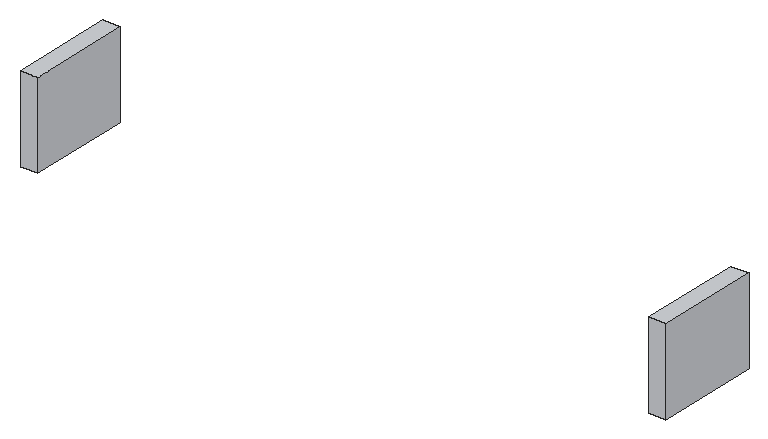
Revit family "Шаблон установки", category Оборудование, Revit 2022
Family settings
  Размер круглого соединителя = Использовать диаметр
  Классификация = Нет
  Тип детали = Нормальный
  На основе рабочей плоскости = Нет
  Всегда вертикально = Да
  При загрузке вырезать с полостями = Нет
  Сохранять ориентацию аннотаций = Нет
  Общий = Нет
  Точка принадлежности помещению = Нет
Parameters
  Отметка по умолчанию = 0 mm
  Выпуск_Длина [instance] = 100 mm
  Впуск_Ширина [instance] = 600 mm
  Выпуск_Ширина [instance] = 600 mm
  Выпуск_Отступ [instance] = 100 mm
  Выпуск_Высота [instance] = 500 mm
  Впуск_Снизу [instance] = no
  Впуск_Посередине [instance] = yes
  Впуск_Оступ [instance] = 100 mm
  Впуск_Длина [instance] = 100 mm
  Впуск_Высота [instance] = 500 mm
  Выпуск_Снизу [instance] = no
  Выпуск_Посередине [instance] = yes
  Выпуск_b [instance] = if(Выпуск_Посередине, (ADSK_Размер_Высота / 2) - (Выпуск_Высота / 2), if(Выпуск_Снизу, ADSK_Размер_Высота - Выпуск_Высота, 0 mm))  # 286.069 mm
  Впуск_b [instance] = if(Впуск_Посередине, (ADSK_Размер_Высота / 2) - (Впуск_Высота / 2), if(Впуск_Снизу, ADSK_Размер_Высота - Впуск_Высота, 0 mm))  # 286.069 mm
  ADSK_Размер_Ширина [instance] = 1360 mm
  ADSK_Размер_Длина [instance] = 3760 mm
  ADSK_Размер_Высота = 1072.138 mm
Reference planes
  plane 1 "По центру (Вперед/Назад)": y = 0
  plane 2: z = 0
  plane 3 "По центру (Влево/Вправо)": x = 0
  plane 4: x = -1880
  plane 5: x = 1880
  plane 6: y = 680
  plane 7: y = -680
  plane 8: z = 1072.138
  plane 9: z = 786.069
  plane 10: z = 286.069
  plane 11: y = 300
  plane 12: y = -300
  plane 13: y = 300
  plane 14: y = -300
  plane 15: z = 0
  plane 16: z = 286.069
  plane 17 "Начало оборудования": x = -1780
  plane 18: x = 1780
  plane 19: z = 786.069
Dimensions and locks
  equal spacing: plane 6, plane 1 "По центру (Вперед/Назад)", plane 7
  "ADSK_Размер_Ширина": plane 6 to plane 7
  equal spacing: plane 4, plane 3 "По центру (Влево/Вправо)", plane 5
  "ADSK_Размер_Длина": plane 4 to plane 5
  "ADSK_Размер_Высота": level to plane 8
  "Выпуск_b": plane 9 to plane 8
  "Выпуск_Высота": plane 10 to plane 9
  equal spacing: plane 11, plane 1 "По центру (Вперед/Назад)", plane 12
  "Выпуск_Ширина": plane 11 to plane 12
  equal spacing: plane 13, plane 1 "По центру (Вперед/Назад)", plane 14
  "Впуск_Ширина": plane 13 to plane 14
  "Выпуск_Длина": plane 4 to plane 17 "Начало оборудования"
  "Впуск_Длина": plane 18 to plane 5
  "Впуск_b": plane 8 to plane 19
  "Впуск_Высота": plane 19 to plane 16
  aligned and locked: level to plane 2
  aligned and locked: plane 5 to nested 2
  aligned and locked: plane 9 to nested 2
  aligned and locked: nested 1 to plane 16
Nested families
  nested 1: "Элементы установки" at (-1830, 0, 286.069), ADSK_Размер_Высота <- "Впуск_Высота", ADSK_Размер_Ширина <- "Впуск_Ширина", ADSK_Размер_Длина <- "Выпуск_Длина", type "Без УГО"
    with ADSK_Размер_Ширина 600 mm, ADSK_Размер_Длина 100 mm, ADSK_Размер_Высота 500 mm
  nested 2: "Элементы установки" at (1830, 0, 286.069), ADSK_Размер_Высота <- "Выпуск_Высота", ADSK_Размер_Ширина <- "Выпуск_Ширина", ADSK_Размер_Длина <- "Впуск_Длина", type "Без УГО"
    with ADSK_Размер_Ширина 600 mm, ADSK_Размер_Длина 100 mm, ADSK_Размер_Высота 500 mm
Definition of nested family "Элементы установки"
  Parameters (values of type "Воздухоохладитель")
    Фильтр = no
    Default Elevation = 0 mm
    Воздухоохладитель = yes
    Воздухонагреватель = no
    Вентилятор = no
    ADSK_Размер_Ширина [instance] = 500 mm
    ADSK_Размер_Длина [instance] = 920 mm
    ADSK_Размер_Высота [instance] = 800 mm
  Types (5, lengths in mm): name | Фильтр | Воздухоохладитель | Воздухонагреватель | Вентилятор
    Вентилятор | no | no | no | yes
    Фильтр | yes | no | no | no
    Без УГО | no | no | no | no
    Воздухонагреватель | no | no | yes | no
    Воздухоохладитель | no | yes | no | no
  Reference planes
    plane 1 "По центру (Вперед/Назад)": y = 0
    plane 2 "Снизу": z = 0
    plane 3 "По центру (Влево/Вправо)": x = 0
    plane 4 "Слева": x = -460
    plane 5 "Справа": x = 460
    plane 6 "Сзади": y = 250
    plane 7 "Спереди": y = -250
    plane 8 "Сверху": z = 800
  Forms (mm)
    Extrusion 1, solid
      sketch origin (0, 0, 0) x (1, 0, 0) y (0, 1, 0)
        loop
          line (-460, 250) -> (-460, -250) -> (460, -250) -> (460, 250) -> (-460, 250)
      from 0 to 800
  Dimensions and locks
    equal spacing: plane 4 "Слева", plane 3 "По центру (Влево/Вправо)", plane 5 "Справа"
    "ADSK_Размер_Длина": plane 4 "Слева" to plane 5 "Справа"
    equal spacing: plane 6 "Сзади", plane 1 "По центру (Вперед/Назад)", plane 7 "Спереди"
    "ADSK_Размер_Ширина": plane 6 "Сзади" to plane 7 "Спереди"
    "ADSK_Размер_Высота": level to plane 8 "Сверху"
    aligned and locked: level to plane 2 "Снизу"
    aligned and locked: Extrusion 1 sketch curve to plane 6 "Сзади"
    aligned and locked: plane 4 "Слева" to Extrusion 1 sketch curve
    aligned and locked: plane 7 "Спереди" to Extrusion 1 sketch curve
    aligned and locked: Extrusion 1 sketch curve to plane 5 "Справа"
    aligned and locked: plane 8 "Сверху" to Extrusion 1
    aligned and locked: plane 4 "Слева" to nested 1
    aligned and locked: plane 2 "Снизу" to nested 1
    aligned and locked: plane 4 "Слева" to nested 2
    aligned and locked: plane 7 "Спереди" to nested 2
    aligned and locked: plane 4 "Слева" to nested 3
    aligned and locked: nested 3 to plane 8 "Сверху"
    aligned and locked: nested 5 to Extrusion 1  (x2)
    aligned and locked: nested 6 to Extrusion 1  (x3)
    aligned and locked: nested 4 to Extrusion 1  (x2)
    aligned and locked: nested 8 to Extrusion 1  (x2)
    aligned and locked: nested 9 to Extrusion 1  (x2)
    aligned and locked: nested 7 to Extrusion 1  (x2)
  Nested families
    nested 1: "УГО_Вентилятор" at (0, -250, 400) x (1, 0, 0) z (0, -1, 0), ADSK_Размер_Высота <- "ADSK_Размер_Высота", ADSK_Размер_Длина <- "ADSK_Размер_Длина", Вентилятор <- "Вентилятор", Фильтр <- "Фильтр", type "УГО_Вентилятор"
      with Фильтр no, Воздухоохладитель no, Воздухонагреватель no, Вентилятор no, l 554.256 mm, i 512 mm, a 160 mm, ADSK_Размер_Длина 920 mm, ADSK_Размер_Диаметр 640 mm, ADSK_Размер_Высота 800 mm
    nested 2: "УГО_Вентилятор" at (0, 0, 800), ADSK_Размер_Высота <- "ADSK_Размер_Ширина", ADSK_Размер_Длина <- "ADSK_Размер_Длина", Вентилятор <- "Вентилятор", Фильтр <- "Фильтр", type "УГО_Вентилятор"
      with Фильтр no, Воздухоохладитель no, Воздухонагреватель no, Вентилятор no, l 346.41 mm, i 320 mm, a 100 mm, ADSK_Размер_Длина 920 mm, ADSK_Размер_Диаметр 400 mm, ADSK_Размер_Высота 500 mm
    nested 3: "УГО_Вентилятор" at (0, 250, 400) x (1, 0, 0) z (0, 1, 0), ADSK_Размер_Высота <- "ADSK_Размер_Высота", ADSK_Размер_Длина <- "ADSK_Размер_Длина", Вентилятор <- "Вентилятор", Фильтр <- "Фильтр", type "УГО_Вентилятор"
      with Фильтр no, Воздухоохладитель no, Воздухонагреватель no, Вентилятор no, l 554.256 mm, i 512 mm, a 160 mm, ADSK_Размер_Длина 920 mm, ADSK_Размер_Диаметр 640 mm, ADSK_Размер_Высота 800 mm
    nested 4: "УГО_Вентилятор" at (0, 250, 400) x (1, 0, 0) z (0, 1, 0), ADSK_Размер_Длина <- "ADSK_Размер_Длина", ADSK_Размер_Высота <- "ADSK_Размер_Высота", visible <- "Воздухонагреватель", type "Воздухонагреватель"
      with Фильтр no, Воздухоохладитель no, Воздухонагреватель yes, Вентилятор no, l 554.256 mm, i 512 mm, a 160 mm, ADSK_Размер_Длина 920 mm, ADSK_Размер_Диаметр 640 mm, ADSK_Размер_Высота 800 mm
    nested 5: "УГО_Вентилятор" at (0, -250, 400) x (-1, 0, 0) z (0, -1, 0), ADSK_Размер_Высота <- "ADSK_Размер_Высота", ADSK_Размер_Длина <- "ADSK_Размер_Длина", visible <- "Воздухонагреватель", type "Воздухонагреватель"
      with Фильтр no, Воздухоохладитель no, Воздухонагреватель yes, Вентилятор no, l 554.256 mm, i 512 mm, a 160 mm, ADSK_Размер_Длина 920 mm, ADSK_Размер_Диаметр 640 mm, ADSK_Размер_Высота 800 mm
    nested 6: "УГО_Вентилятор" at (0, 0, 800), ADSK_Размер_Длина <- "ADSK_Размер_Длина", ADSK_Размер_Высота <- "ADSK_Размер_Ширина", visible <- "Воздухонагреватель", type "Воздухонагреватель"
      with Фильтр no, Воздухоохладитель no, Воздухонагреватель yes, Вентилятор no, l 346.41 mm, i 320 mm, a 100 mm, ADSK_Размер_Длина 920 mm, ADSK_Размер_Диаметр 400 mm, ADSK_Размер_Высота 500 mm
    nested 7: "УГО_Вентилятор" at (0, -250, 400) x (-1, 0, 0) z (0, -1, 0), ADSK_Размер_Высота <- "ADSK_Размер_Высота", ADSK_Размер_Длина <- "ADSK_Размер_Длина", visible <- "Воздухоохладитель", type "Воздухоохладитель"
      with Фильтр no, Воздухоохладитель yes, Воздухонагреватель no, Вентилятор no, l 554.256 mm, i 512 mm, a 160 mm, ADSK_Размер_Длина 920 mm, ADSK_Размер_Диаметр 640 mm, ADSK_Размер_Высота 800 mm
    nested 8: "УГО_Вентилятор" at (0, 250, 400) x (1, 0, 0) z (0, 1, 0), ADSK_Размер_Высота <- "ADSK_Размер_Высота", ADSK_Размер_Длина <- "ADSK_Размер_Длина", visible <- "Воздухоохладитель", type "Воздухоохладитель"
      with Фильтр no, Воздухоохладитель yes, Воздухонагреватель no, Вентилятор no, l 554.256 mm, i 512 mm, a 160 mm, ADSK_Размер_Длина 920 mm, ADSK_Размер_Диаметр 640 mm, ADSK_Размер_Высота 800 mm
    nested 9: "УГО_Вентилятор" at (0, 0, 800), ADSK_Размер_Высота <- "ADSK_Размер_Ширина", ADSK_Размер_Длина <- "ADSK_Размер_Длина", visible <- "Воздухоохладитель", type "Воздухоохладитель"
      with Фильтр no, Воздухоохладитель yes, Воздухонагреватель no, Вентилятор no, l 346.41 mm, i 320 mm, a 100 mm, ADSK_Размер_Длина 920 mm, ADSK_Размер_Диаметр 400 mm, ADSK_Размер_Высота 500 mm
  Definition of nested family "УГО_Вентилятор"
    Parameters (values of type "Воздухонагреватель")
      Фильтр [instance] = no
      Default Elevation = 1219.2 mm
      Воздухоохладитель [instance] = no
      Воздухонагреватель [instance] = yes
      Вентилятор [instance] = no
      l [instance] = ADSK_Размер_Диаметр * cos(30.00°)  # 381.051 mm
      i [instance] = ADSK_Размер_Диаметр - ADSK_Размер_Диаметр / 100 * 20  # 352 mm
      a [instance] = ADSK_Размер_Диаметр / 4  # 110 mm
      ADSK_Размер_Длина [instance] = 1000 mm
      ADSK_Размер_Диаметр [instance] = if(ADSK_Размер_Длина > ADSK_Размер_Высота, ADSK_Размер_Высота * 0.8, ADSK_Размер_Длина * 0.8)  # 440 mm
      ADSK_Размер_Высота [instance] = 550 mm
    Types (5, lengths in mm): name | Фильтр | Воздухоохладитель | Воздухонагреватель | Вентилятор | l | i | a | ADSK_Размер_Диаметр | ADSK_Размер_Высота
      (no name) | no | no | yes | no | 692.82 | 640 | 200 | 800 | 1100
      Вентилятор | no | no | no | yes | 692.82 | 640 | 200 | 800 | 1100
      Фильтр | yes | no | no | no | 692.82 | 640 | 200 | 800 | 1100
      Воздухонагреватель | no | no | yes | no | 381.051 | 352 | 110 | 440 | 550
      Воздухоохладитель | no | yes | no | no | 692.82 | 640 | 200 | 800 | 1100
    Reference planes
      plane 1 "По центру (Вперед/Назад)": y = 0
      plane 2: z = 0
      plane 3 "По центру (Влево/Вправо)": x = 0
      plane 4: y = 275
      plane 5: y = -275
      plane 6: x = -500
      plane 7: x = 500
      plane 8: y = 137.5
      plane 9: y = -137.5
    Forms (mm)
      Extrusion 1, solid, visible <- "Вентилятор"
        sketch origin (0, 0, 0) x (1, 0, 0) y (0, 1, 0)
          loop
            line (220, 0) -> (-110, 190.526) -> (-110, -190.526) -> (220, 0)
        from 0 to 1
    Lines and regions (mm)
      model lines
        curve 1: line (-500, 275, 0) -> (500, 275, 0)
        curve 2: line (-500, -275, 0) -> (-500, 275, 0)
        curve 3: line (500, -275, 0) -> (-500, -275, 0)
        curve 4: line (500, 275, 0) -> (500, -275, 0)
      model lines, visible <- "Вентилятор"
        curve 5: circle (0, 0, 0) r 220 normal (0, 0, 1)
      model lines, visible <- "Фильтр"
        curve 6: line (500, 275, 0) -> (-500, 137.5, 0)
        curve 7: line (500, 0, 0) -> (-500, -137.5, 0)
        curve 8: line (500, -275, 0) -> (-500, -137.5, 0)
        curve 9: line (-500, 137.5, 0) -> (500, 0, 0)
      model lines, visible <- "Воздухонагреватель"
        curve 10: circle (0, 0, 0) r 220 normal (0, 0, 1)
        curve 11: line (0, 176, 0) -> (0, -176, 0)
        curve 12: line (-176, 0, 0) -> (176, 0, 0)
      model lines, visible <- "Воздухоохладитель"
        curve 13: circle (0, 0, 0) r 220 normal (0, 0, 1)
        curve 14: line (-176, 0, 0) -> (176, 0, 0)
    Dimensions and locks
      equal spacing: plane 4, plane 1 "По центру (Вперед/Назад)", plane 5
      "ADSK_Размер_Высота": plane 4 to plane 5
      equal spacing: plane 6, plane 3 "По центру (Влево/Вправо)", plane 7
      "ADSK_Размер_Длина": plane 6 to plane 7
      "a": Extrusion 1 sketch curve to plane 3 "По центру (Влево/Вправо)"
      "l": Extrusion 1 sketch curve to Extrusion 1 sketch curve
      equal spacing: plane 4, plane 8, plane 1 "По центру (Вперед/Назад)"
      equal spacing: plane 5, plane 9, plane 1 "По центру (Вперед/Назад)"
      equal spacing: curve 11, plane 1 "По центру (Вперед/Назад)", curve 11
      "i": curve 11 to curve 11
      equal spacing: curve 12, plane 3 "По центру (Влево/Вправо)", curve 12
      "i": curve 12 to curve 12
      equal spacing: curve 14, plane 3 "По центру (Влево/Вправо)", curve 14
      "i": curve 14 to curve 14
      "ADSK_Размер_Диаметр": diameter of curve 5
      "ADSK_Размер_Диаметр": diameter of curve 10
      "ADSK_Размер_Диаметр": diameter of curve 13
      locked: Extrusion 1 sketch curve to plane 1 "По центру (Вперед/Назад)" (angle 30.00°)
      locked: plane 1 "По центру (Вперед/Назад)" to Extrusion 1 sketch curve (angle 30.00°)
      aligned and locked: level to plane 2
      aligned and locked: curve 1 to plane 4
      aligned and locked: plane 5 to curve 3
      aligned and locked: plane 3 "По центру (Влево/Вправо)" to curve 5
      aligned and locked: plane 1 "По центру (Вперед/Назад)" to curve 5
      aligned and locked: plane 6 to curve 9
      aligned and locked: plane 8 to curve 9
      aligned and locked: plane 7 to curve 9
      aligned and locked: plane 1 "По центру (Вперед/Назад)" to curve 7
      aligned and locked: plane 6 to curve 8
      aligned and locked: plane 7 to curve 8
      aligned and locked: plane 3 "По центру (Влево/Вправо)" to curve 10
      aligned and locked: plane 1 "По центру (Вперед/Назад)" to curve 10
      aligned and locked: plane 3 "По центру (Влево/Вправо)" to curve 13
      aligned and locked: plane 1 "По центру (Вперед/Назад)" to curve 13
    Automatic sketch dimensions
      curve 11 to plane 3 "По центру (Влево/Вправо)" = 0 mm
      curve 7 to plane 9 = 0 mm
      plane 1 "По центру (Вперед/Назад)" to curve 12 = 0 mm
      plane 1 "По центру (Вперед/Назад)" to curve 14 = 0 mm
      curve 6 to plane 8 = 0 mm
      plane 1 "По центру (Вперед/Назад)" to Extrusion 1 sketch curve = 0 mm
